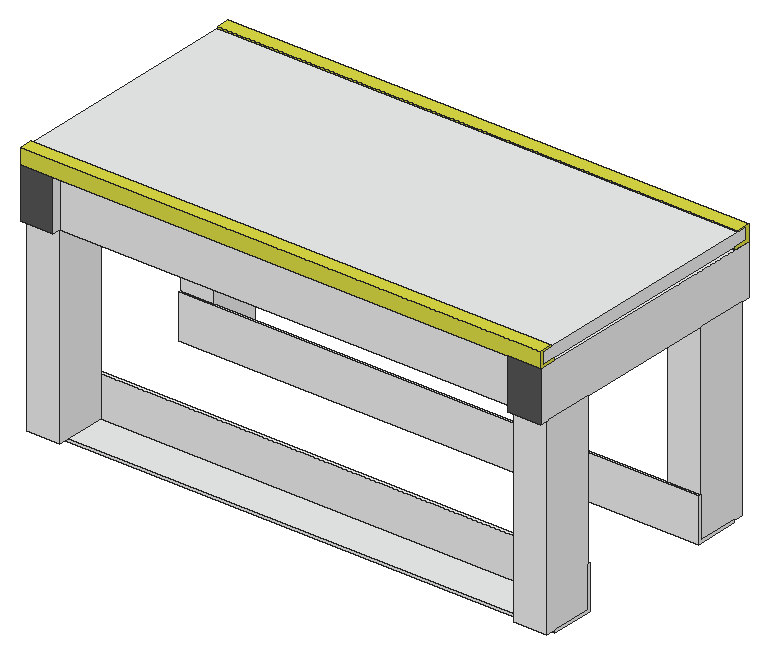
Revit family "Step_Kattsafe_Single", category Specialty Equipment, Revit 2025
Family settings
  Round Connector Dimension = Use Diameter
  Part Type = Normal
  OmniClass Number = 23.17.23.15
  Work Plane-Based = No
  Enable Cutting in Views = No
  Always vertical = Yes
  Cut with Voids When Loaded = No
  Maintain Annotation Orientation = No
  Shared = No
  Room Calculation Point = No
Parameters (values of type "Step Up (ST551.300)")
  Uniclass2015Version = "Products v1.23"
  Uniclass2015Title = "Step-over ladders"
  Uniclass2015Code = "Pr_25_30_85_85"
  URL = "https://kattsafe.com.au/"
  Type IFC Predefined Type = "USERDEFINED"
  Type Comments = "Single Step Up"
  SafetyDisclaimer [instance] = "WARNING! The correct placement of access, fall protection and facade maintenance systems is critical to ensure it is fit-for-purpose and safe for the operator to use. Did you know Kattsafe® have a dedicated team of Height Safety System Design Specialists? Kattsafe® provide one-on-one consultation and system design assistance to ensure you are meeting the stringent requirements of height safety and to give you PEACE OF MIND with your project."  # constant formula
  PlatformMaterial = Aluminum_Kattsafe_Mesh_Walkway
  ModifiedIssue = 20240430
  Model = "ST551.300"
  Material = Aluminum_Kattsafe_Satin
  ManufacturerURLProductSpecific = "https://kattsafe.com.au/products/platforms-stairs/steps/single-step-ST551"
  ManufacturerSpecCode = Model  # "ST551.300"
  ManufacturerOverallWidth = 600 mm  # constant formula
  ManufacturerOverallHeight = 300 mm
  ManufacturerOverallDepth = 300 mm
  ManufacturerHeightFromFFL [instance] = 0 mm
  Manufacturer = "Kattsafe®"  # constant formula
  IfcExportType = "USERDEFINED"
  IfcExportAs = "IfcBuildingElementProxy"
  Export Type to IFC As = "IfcBuildingElementProxy"
  ElementType = "Ladder"
  Description = "Kattsafe steps provide safe and easy access to varying heights including roof areas, service platforms and other elevated areas where frequent access is required. Manufactured to Australian Standard AS/NZS 1657:2018 which ensures a high level of safety and confidence for maintenance personnel. Available in single and double configurations"  # constant formula
  Default Elevation = 0 mm
  CreatedByURL = "https://igsgroup.com.au"
  CreatedBy = "IGS BIM Solutions"  # constant formula
  Assembly Code = "E1090100"
Types (2, lengths in mm): name | Type Comments | Model | ManufacturerSpecCode | ManufacturerOverallDepth
  Step Up (ST551.300) | "Single Step Up" | "ST551.300" | "ST551.300" | 300
  Step Over (ST551.600) | "Single Step Over" | "ST551.600" | "ST551.600" | 600
Reference planes
  plane 1 "Center (Front/Back)": y = 0
  plane 2 "Ref. Level": z = 0
  plane 3 "Centre (Left/Right)": x = 0
  plane 4 "Back": y = 150
  plane 5 "Front": y = -150
  plane 6 "Right": x = 300
  plane 7 "Left": x = -300
  plane 8 "Bottom": z = 0
  plane 9 "Centre (Elevation)": z = 150
  plane 10 "Top": z = 300
  plane 11 "FrameBack": y = 140
  plane 12 "FrameFront": y = -140
  plane 13 "LeftLegInternal": x = -262
  plane 14 "RightLegInternal": x = 262
  plane 15 "FrameBackInternal": y = 102
  plane 16 "FrameFrontInternal": y = -102
  plane 17 "PlatformFrameTop": z = 282
  plane 18 "PlatformFrameBottom": z = 224
  plane 19 "Leg2Front": y = 82
  plane 20 "Leg1Back": y = -82
  plane 21 "LegBottom": z = 3
  plane 22 "PlatformMeshTop": z = 298
  plane 23 "PlatformMeshBottom": z = 285
Forms (mm)
  Extrusion 1, solid, material "Aluminum_Kattsafe_Satin" <- "Material"
    sketch origin (0, 0, 0) x (1, 0, 0) y (0, 1, 0)
      loop
        line (262, 140) -> (-262, 140) -> (-262, 150) -> (-300, 150) -> (-300, -150) -> (-262, -150) -> (-262, -140) -> (262, -140) -> (262, -150) -> (300, -150) -> (300, 150) -> (262, 150) -> (262, 140)
      loop
        line (262, 102) -> (-262, 102) -> (-262, -102) -> (262, -102) -> (262, 102)
    from 224 to 282
  Extrusion 2, solid, material "Aluminum_Kattsafe_Satin" <- "Material"
    sketch origin (0, 0, 0) x (1, 0, 0) y (0, 1, 0)
      loop
        line (-300, 140) -> (-300, 82) -> (-262, 82) -> (-262, 140) -> (-300, 140)
      loop
        line (-300, -82) -> (-300, -140) -> (-262, -140) -> (-262, -82) -> (-300, -82)
      loop
        line (262, -82) -> (262, -140) -> (300, -140) -> (300, -82) -> (262, -82)
      loop
        line (262, 140) -> (262, 82) -> (300, 82) -> (300, 140) -> (262, 140)
    from 3 to 224
  Extrusion 3, solid, material "Aluminum_Kattsafe_Satin" <- "Material"
    sketch origin (0, 0, 0) x (0, 1, 0) y (0, 0, 1)
      loop
        line (82, 50) -> (79, 50) -> (79, 0) -> (129, 0) -> (129, 3) -> (82, 3) -> (82, 50)
      loop
        line (-82, 50) -> (-82, 3) -> (-129, 3) -> (-129, 0) -> (-79, 0) -> (-79, 50) -> (-82, 50)
    from -300 to 300
  Extrusion 4, solid, material "Aluminum_PowderCoat_Kattsafe_Yellow"
    sketch origin (0, 0, 0) x (0, 1, 0) y (0, 0, 1)
      loop
        line (150, 300) -> (135, 300) -> (135, 298) -> (147, 298) -> (147, 285) -> (130, 285) -> (130, 282) -> (150, 282) -> (150, 300)
      loop
        line (-150, 300) -> (-150, 282) -> (-130, 282) -> (-130, 285) -> (-147, 285) -> (-147, 298) -> (-135, 298) -> (-135, 300) -> (-150, 300)
    from -300 to 300
  Extrusion 5, solid, material "Aluminum_Kattsafe_Mesh_Walkway" <- "PlatformMaterial"
    sketch origin (0, 0, 0) x (1, 0, 0) y (0, 1, 0)
      loop
        line (-300, 145) -> (-300, -145) -> (300, -145) -> (300, 145) -> (-300, 145)
    from 285 to 298
Lines and regions (mm)
  Masking region 1
    outline origin (0, 0, 0) x (0, -1, 0) y (1, 0, 0)
      loop
        line (-150, -300) -> (150, -300) -> (150, 300) -> (-150, 300) -> (-150, -300)
  symbolic lines, style "Ladders", detail levels medium+fine
    curve 1: line (-300, 135, 0) -> (300, 135, 0)
    curve 2: line (300, -135, 0) -> (-300, -135, 0)
Text (mm)
  text "Disclaimer:\nDue to ongoing product development and manufacturing \nevolution, product details are subject to change without \nnotice. Please refer to product technical data sheets on \nthe manufacturers website for the most current product \ninformation. Please allow a +/- 5mm manufacturing \ntolerance for dimensions and set-outs shown in product \nliterature." at (985.527, 159.228, 0), in view "Ref. Level"
Dimensions and locks
  equal spacing: plane 7 "Left", plane 3 "Centre (Left/Right)", plane 6 "Right"
  "ManufacturerOverallWidth": plane 7 "Left" to plane 6 "Right"
  equal spacing: plane 5 "Front", plane 1 "Center (Front/Back)", plane 4 "Back"
  "ManufacturerOverallDepth": plane 5 "Front" to plane 4 "Back"
  equal spacing: plane 10 "Top", plane 9 "Centre (Elevation)", plane 8 "Bottom"
  "ManufacturerOverallHeight": plane 10 "Top" to plane 8 "Bottom"
  "ManufacturerHeightFromFFL": plane 8 "Bottom" to plane 2 "Ref. Level"
  locked: plane 5 "Front" to plane 12 "FrameFront" at 10
  locked: plane 11 "FrameBack" to plane 4 "Back" at 10
  locked: plane 7 "Left" to plane 13 "LeftLegInternal" at 38
  locked: plane 14 "RightLegInternal" to plane 6 "Right" at 38
  locked: plane 15 "FrameBackInternal" to plane 11 "FrameBack" at 38
  locked: plane 12 "FrameFront" to plane 16 "FrameFrontInternal" at 38
  locked: plane 10 "Top" to plane 17 "PlatformFrameTop" at 18
  locked: plane 17 "PlatformFrameTop" to plane 18 "PlatformFrameBottom" at 58
  locked: plane 12 "FrameFront" to plane 20 "Leg1Back" at 58
  locked: plane 19 "Leg2Front" to plane 11 "FrameBack" at 58
  locked: plane 21 "LegBottom" to plane 8 "Bottom" at 3
  locked: plane 8 "Bottom" to Extrusion 3 sketch curve at 50
  locked: Extrusion 4 sketch curve to plane 10 "Top" at 2
  locked: plane 17 "PlatformFrameTop" to Extrusion 4 sketch curve at 3
  locked: Extrusion 5 sketch curve to plane 4 "Back" at 5
  locked: plane 5 "Front" to Extrusion 5 sketch curve at 5
  locked: plane 10 "Top" to plane 22 "PlatformMeshTop" at 2
  locked: plane 23 "PlatformMeshBottom" to plane 17 "PlatformFrameTop" at 3
  locked: Extrusion 4 sketch curve to plane 5 "Front" at 3
  locked: Extrusion 4 sketch curve to plane 5 "Front" at 15
  locked: Extrusion 4 sketch curve to plane 5 "Front" at 20
  locked: plane 4 "Back" to Extrusion 4 sketch curve at 3
  locked: plane 4 "Back" to Extrusion 4 sketch curve at 15
  locked: plane 4 "Back" to Extrusion 4 sketch curve at 20
  Extrusion 3 sketch curve to plane 19 "Leg2Front" to Extrusion 3 sketch curve = 47 mm locked, 3 mm locked
  Extrusion 3 sketch curve to plane 20 "Leg1Back" to Extrusion 3 sketch curve = 3 mm locked, 47 mm locked
  aligned and locked: level to plane 2 "Ref. Level"
  aligned and locked: Extrusion 1 sketch curve to plane 11 "FrameBack"
  aligned and locked: Extrusion 1 sketch curve to plane 7 "Left"
  aligned and locked: Extrusion 1 sketch curve to plane 6 "Right"
  aligned and locked: Extrusion 1 sketch curve to plane 12 "FrameFront"
  aligned and locked: Extrusion 1 sketch curve to plane 15 "FrameBackInternal"
  aligned and locked: Extrusion 1 sketch curve to plane 13 "LeftLegInternal"  (x3)
  aligned and locked: Extrusion 1 sketch curve to plane 16 "FrameFrontInternal"
  aligned and locked: Extrusion 1 sketch curve to plane 14 "RightLegInternal"  (x3)
  aligned and locked: Extrusion 1 to plane 17 "PlatformFrameTop"
  aligned and locked: plane 18 "PlatformFrameBottom" to Extrusion 1
  aligned and locked: Extrusion 1 sketch curve to plane 4 "Back"  (x2)
  aligned and locked: Extrusion 1 sketch curve to plane 5 "Front"  (x2)
  aligned and locked: plane 11 "FrameBack" to Extrusion 2 sketch curve  (x2)
  aligned and locked: Extrusion 2 sketch curve to plane 19 "Leg2Front"  (x2)
  aligned and locked: Extrusion 2 sketch curve to plane 6 "Right"  (x2)
  aligned and locked: plane 14 "RightLegInternal" to Extrusion 2 sketch curve  (x2)
  aligned and locked: plane 7 "Left" to Extrusion 2 sketch curve  (x2)
  aligned and locked: Extrusion 2 sketch curve to plane 13 "LeftLegInternal"  (x2)
  aligned and locked: plane 20 "Leg1Back" to Extrusion 2 sketch curve  (x2)
  aligned and locked: Extrusion 2 sketch curve to plane 12 "FrameFront"  (x2)
  aligned and locked: Extrusion 2 to plane 18 "PlatformFrameBottom"
  aligned and locked: plane 21 "LegBottom" to Extrusion 2
  aligned and locked: plane 19 "Leg2Front" to Extrusion 3 sketch curve
  aligned and locked: plane 20 "Leg1Back" to Extrusion 3 sketch curve
  aligned and locked: plane 8 "Bottom" to Extrusion 3 sketch curve  (x2)
  aligned and locked: plane 21 "LegBottom" to Extrusion 3 sketch curve  (x2)
  aligned and locked: Extrusion 3 sketch curve to Extrusion 3 sketch curve
  aligned and locked: plane 6 "Right" to Extrusion 3
  aligned and locked: Extrusion 3 to plane 7 "Left"
  aligned and locked: plane 17 "PlatformFrameTop" to Extrusion 4 sketch curve
  aligned and locked: Extrusion 4 sketch curve to plane 10 "Top"
  aligned and locked: plane 10 "Top" to Extrusion 4 sketch curve
  aligned and locked: Extrusion 4 sketch curve to plane 17 "PlatformFrameTop"
  aligned and locked: Extrusion 4 to plane 7 "Left"
  aligned and locked: plane 6 "Right" to Extrusion 4
  aligned and locked: plane 7 "Left" to Extrusion 5 sketch curve
  aligned and locked: Extrusion 5 sketch curve to plane 6 "Right"
  aligned and locked: Extrusion 5 to plane 22 "PlatformMeshTop"
  aligned and locked: plane 23 "PlatformMeshBottom" to Extrusion 5
  aligned and locked: Extrusion 4 sketch curve to plane 5 "Front"
  aligned and locked: Extrusion 4 sketch curve to plane 4 "Back"
  aligned and locked: Masking region 1 sketch curve to plane 6 "Right"
  aligned and locked: Masking region 1 sketch curve to plane 5 "Front"
  aligned and locked: plane 7 "Left" to Masking region 1 sketch curve
  aligned and locked: plane 4 "Back" to Masking region 1 sketch curve
  aligned and locked: curve 1 to Extrusion 4
  aligned and locked: curve 2 to Extrusion 4
Automatic sketch dimensions
  plane 22 "PlatformMeshTop" to Extrusion 4 sketch curve = 0 mm
  plane 23 "PlatformMeshBottom" to Extrusion 4 sketch curve = 0 mm
  curve 2 to plane 7 "Left" = 0 mm
  curve 1 to plane 7 "Left" = 0 mm
  curve 2 to plane 6 "Right" = 0 mm
  curve 1 to plane 6 "Right" = 0 mm
